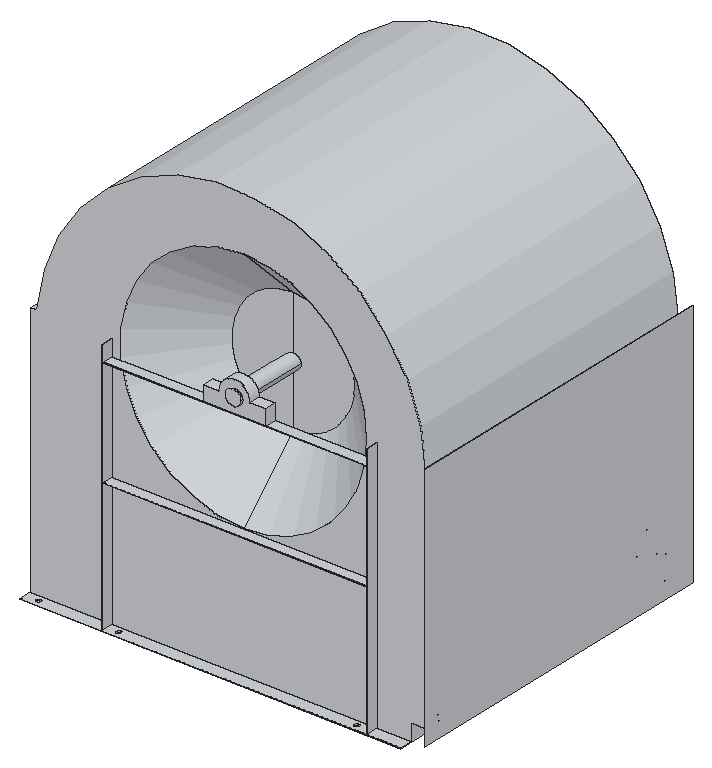
Revit family "CA_DWDI_CW_BHD", category Mechanical Equipment, Revit 2019 (continued)
Types (61): name | X/2 | X | W/2 | W | V | U | T | S | R/2 | R+R | R | P-N-M | P-N | P | N | M/2 | M | L | K | J | INLET/2 | INLET | H | G/5*3 | G/10*3 | G-2.5" | G-(G/5*3) | G+((G/5*3)+2") | G | F-((D-A)/2) | F | E/2 | E | D/2 | D | BHD_L | B/2 | B+.25" | B | A/2 | A+.25" | A | Type Comments | -P | -((B+.25")/2) | (M-(B+.25"))/2 | (G/5*3)+2" | (D-A-.25")/2 | ((B+.25")/2)
  245_CA-DWDI_CW_BHD_CLASS_2 | 1' - 8 21/32" | 3' - 5 5/16" | 0' - 0 13/32" | 0' - 0 13/16" | 0' - 8" | 1' - 1 1/2" | 1' - 6 21/32" | 3' - 1 5/16" | 0' - 1 7/32" | 0' - 4 7/8" | 0' - 2 7/16" | 0' - 2 1/4" | -3' - 5 5/16" | 4' - 2 1/16" | 0' - 8 3/4" | 1' - 7 17/32" | 3' - 3 1/16" | 1' - 7 17/32" | 3' - 7 5/8" | 2' - 0 1/4" | 1' - 2 23/32" | 2' - 5 7/16" | 3' - 10" | 1' - 2 23/32" | 0' - 7 23/64" | 2' - 3 9/16" | 1' - 3 9/32" | 5' - 1 7/16" | 2' - 6" | 4' - 0 3/16" | 4' - 1 7/8" | 1' - 7 7/32" | 3' - 2 7/16" | 1' - 2 7/16" | 2' - 4 7/8" | 0' - 3 3/8" | 1' - 5 17/32" | 2' - 11 5/16" | 2' - 11 1/16" | 1' - 0 3/4" | 2' - 1 3/4" | 2' - 1 1/2" | "Airfoil Centrifugal Blower Clockwise Bottom Horizontal Arrangement 3 Class 2" | -4' - 2 1/16" | -1' - 5 21/32" | 0' - 1 7/8" | 1' - 4 23/32" | 0' - 1 9/16" | 1' - 5 21/32"
  245_CA-DWDI_CW_BHD_CLASS_3 | 1' - 8 21/32" | 3' - 5 5/16" | 0' - 0 13/32" | 0' - 0 13/16" | 0' - 8" | 1' - 1 1/2" | 1' - 6 21/32" | 3' - 1 5/16" | 0' - 1 3/32" | 0' - 4 3/8" | 0' - 2 3/16" | 0' - 2 7/8" | -3' - 5 15/16" | 4' - 2 11/16" | 0' - 8 3/4" | 1' - 7 17/32" | 3' - 3 1/16" | 1' - 7 17/32" | 3' - 7 5/8" | 2' - 0 1/4" | 1' - 2 23/32" | 2' - 5 7/16" | 3' - 10" | 1' - 2 23/32" | 0' - 7 23/64" | 2' - 3 13/16" | 1' - 3 9/32" | 5' - 1 7/16" | 2' - 6" | 4' - 0 3/16" | 4' - 1 7/8" | 1' - 7 7/32" | 3' - 2 7/16" | 1' - 2 7/16" | 2' - 4 7/8" | 0' - 3 3/8" | 1' - 5 17/32" | 2' - 11 5/16" | 2' - 11 1/16" | 1' - 0 3/4" | 2' - 1 3/4" | 2' - 1 1/2" | "Airfoil Centrifugal Blower Clockwise Bottom Horizontal Arrangement 3 Class 3" | -4' - 2 11/16" | -1' - 5 21/32" | 0' - 1 7/8" | 1' - 4 23/32" | 0' - 1 9/16" | 1' - 5 21/32"
  270_CA-DWDI_CW_BHD_CLASS_2 | 1' - 10 27/32" | 3' - 9 11/16" | 0' - 0 13/32" | 0' - 0 13/16" | 0' - 9" | 1' - 3" | 1' - 8 27/32" | 3' - 5 11/16" | 0' - 1 11/32" | 0' - 5 3/8" | 0' - 2 11/16" | 0' - 2 1/2" | -3' - 9 15/16" | 4' - 6 15/16" | 0' - 9" | 1' - 9 23/32" | 3' - 7 7/16" | 1' - 9 23/32" | 3' - 11 1/8" | 2' - 2 5/8" | 1' - 3 31/32" | 2' - 7 15/16" | 4' - 2" | 1' - 3 31/32" | 0' - 7 63/64" | 2' - 6 5/16" | 1' - 5 1/32" | 5' - 6 15/16" | 2' - 9" | 4' - 5 1/4" | 4' - 6 15/16" | 1' - 9 13/32" | 3' - 6 13/16" | 1' - 3 7/16" | 2' - 6 7/8" | 0' - 3 5/8" | 1' - 7 23/32" | 3' - 3 11/16" | 3' - 3 7/16" | 1' - 1 3/4" | 2' - 3 3/4" | 2' - 3 1/2" | "Airfoil Centrifugal Blower Clockwise Bottom Horizontal Arrangement 3 Class 2" | -4' - 6 15/16" | -1' - 7 27/32" | 0' - 1 7/8" | 1' - 5 31/32" | 0' - 1 9/16" | 1' - 7 27/32"
  270_CA-DWDI_CW_BHD_CLASS_3 | 1' - 10 27/32" | 3' - 9 11/16" | 0' - 0 13/32" | 0' - 0 13/16" | 0' - 9" | 1' - 3" | 1' - 8 27/32" | 3' - 5 11/16" | 0' - 1 3/32" | 0' - 4 3/8" | 0' - 2 3/16" | 0' - 2 7/8" | -3' - 10 5/16" | 4' - 7 1/16" | 0' - 8 3/4" | 1' - 9 23/32" | 3' - 7 7/16" | 1' - 9 23/32" | 3' - 11 1/8" | 2' - 2 5/8" | 1' - 3 31/32" | 2' - 7 15/16" | 4' - 2" | 1' - 3 31/32" | 0' - 7 63/64" | 2' - 6 13/16" | 1' - 5 1/32" | 5' - 6 15/16" | 2' - 9" | 4' - 5 1/4" | 4' - 6 15/16" | 1' - 9 13/32" | 3' - 6 13/16" | 1' - 3 7/16" | 2' - 6 7/8" | 0' - 3 5/8" | 1' - 7 23/32" | 3' - 3 11/16" | 3' - 3 7/16" | 1' - 1 3/4" | 2' - 3 3/4" | 2' - 3 1/2" | "Airfoil Centrifugal Blower Clockwise Bottom Horizontal Arrangement 3 Class 3" | -4' - 7 1/16" | -1' - 7 27/32" | 0' - 1 7/8" | 1' - 5 31/32" | 0' - 1 9/16" | 1' - 7 27/32"
  300_CA-DWDI_CW_BHD_CLASS_2 | 2' - 0 5/8" | 4' - 1 1/4" | 0' - 0 13/32" | 0' - 0 13/16" | 0' - 10" | 1' - 4 1/2" | 1' - 10 5/8" | 3' - 9 1/4" | 0' - 1 11/32" | 0' - 5 3/8" | 0' - 2 11/16" | 0' - 2 1/2" | -4' - 1 1/2" | 4' - 11" | 0' - 9 1/2" | 1' - 11 1/2" | 3' - 11" | 1' - 11 1/2" | 4' - 4" | 2' - 5 1/2" | 1' - 5 15/32" | 2' - 10 15/16" | 4' - 7 3/8" | 1' - 5 15/32" | 0' - 8 47/64" | 2' - 9 5/16" | 1' - 6 17/32" | 6' - 0 15/16" | 3' - 0" | 4' - 10 21/32" | 5' - 0 3/8" | 1' - 11 7/32" | 3' - 10 7/16" | 1' - 5 5/16" | 2' - 10 5/8" | 0' - 3 3/8" | 1' - 9 1/2" | 3' - 7 1/4" | 3' - 7" | 1' - 3 19/32" | 2' - 7 7/16" | 2' - 7 3/16" | "Airfoil Centrifugal Blower Clockwise Bottom Horizontal Arrangement 3 Class 2" | -4' - 11" | -1' - 9 5/8" | 0' - 1 7/8" | 1' - 7 15/32" | 0' - 1 19/32" | 1' - 9 5/8"
  300_CA-DWDI_CW_BHD_CLASS_3 | 2' - 0 5/8" | 4' - 1 1/4" | 0' - 0 13/32" | 0' - 0 13/16" | 0' - 10" | 1' - 4 1/2" | 1' - 10 5/8" | 3' - 9 1/4" | 0' - 1 7/32" | 0' - 4 7/8" | 0' - 2 7/16" | 0' - 2 7/8" | -4' - 1 7/8" | 4' - 11 3/8" | 0' - 9 1/2" | 1' - 11 1/2" | 3' - 11" | 1' - 11 1/2" | 4' - 4" | 2' - 5 1/2" | 1' - 5 15/32" | 2' - 10 15/16" | 4' - 7 3/8" | 1' - 5 15/32" | 0' - 8 47/64" | 2' - 9 9/16" | 1' - 6 17/32" | 6' - 0 15/16" | 3' - 0" | 4' - 10 21/32" | 5' - 0 3/8" | 1' - 11 7/32" | 3' - 10 7/16" | 1' - 5 5/16" | 2' - 10 5/8" | 0' - 3 3/8" | 1' - 9 1/2" | 3' - 7 1/4" | 3' - 7" | 1' - 3 19/32" | 2' - 7 7/16" | 2' - 7 3/16" | "Airfoil Centrifugal Blower Clockwise Bottom Horizontal Arrangement 3 Class 3" | -4' - 11 3/8" | -1' - 9 5/8" | 0' - 1 7/8" | 1' - 7 15/32" | 0' - 1 19/32" | 1' - 9 5/8"
  330_CA-DWDI_CW_BHD_CLASS_2 | 2' - 2 23/32" | 4' - 5 7/16" | 0' - 0 13/32" | 0' - 0 13/16" | 1' - 0" | 1' - 6" | 2' - 0 21/32" | 4' - 1 5/16" | 0' - 1 3/32" | 0' - 4 3/8" | 0' - 2 3/16" | 0' - 3" | -4' - 6 1/16" | 5' - 3 11/16" | 0' - 9 5/8" | 2' - 1 17/32" | 4' - 3 1/16" | 2' - 1 17/32" | 4' - 9" | 2' - 8 5/16" | 1' - 6 31/32" | 3' - 1 15/16" | 5' - 0 3/4" | 1' - 6 31/32" | 0' - 9 31/64" | 3' - 0 13/16" | 1' - 8 1/32" | 6' - 6 15/16" | 3' - 3" | 5' - 3 19/32" | 5' - 5 13/16" | 2' - 1 3/4" | 4' - 3 1/2" | 1' - 7 15/32" | 3' - 2 15/16" | 0' - 3 1/8" | 1' - 11 17/32" | 3' - 11 5/16" | 3' - 11 1/16" | 1' - 5 1/4" | 2' - 10 3/4" | 2' - 10 1/2" | "Airfoil Centrifugal Blower Clockwise Bottom Horizontal Arrangement 3 Class 2" | -5' - 3 11/16" | -1' - 11 21/32" | 0' - 1 7/8" | 1' - 8 31/32" | 0' - 2 3/32" | 1' - 11 21/32"
  330_CA-DWDI_CW_BHD_CLASS_3 | 2' - 2 23/32" | 4' - 5 7/16" | 0' - 0 13/32" | 0' - 0 13/16" | 1' - 0" | 1' - 6" | 2' - 0 21/32" | 4' - 1 5/16" | 0' - 1 7/32" | 0' - 4 7/8" | 0' - 2 7/16" | 0' - 2 7/8" | -4' - 5 15/16" | 5' - 3 15/16" | 0' - 10" | 2' - 1 17/32" | 4' - 3 1/16" | 2' - 1 17/32" | 4' - 9" | 2' - 8 5/16" | 1' - 6 31/32" | 3' - 1 15/16" | 5' - 0 3/4" | 1' - 6 31/32" | 0' - 9 31/64" | 3' - 0 9/16" | 1' - 8 1/32" | 6' - 6 15/16" | 3' - 3" | 5' - 3 19/32" | 5' - 5 13/16" | 2' - 1 3/4" | 4' - 3 1/2" | 1' - 7 15/32" | 3' - 2 15/16" | 0' - 3 1/8" | 1' - 11 17/32" | 3' - 11 5/16" | 3' - 11 1/16" | 1' - 5 1/4" | 2' - 10 3/4" | 2' - 10 1/2" | "Airfoil Centrifugal Blower Clockwise Bottom Horizontal Arrangement 3 Class 3" | -5' - 3 15/16" | -1' - 11 21/32" | 0' - 1 7/8" | 1' - 8 31/32" | 0' - 2 3/32" | 1' - 11 21/32"
  365_CA-DWDI_CW_BHD_CLASS_2 | 2' - 5 9/32" | 4' - 10 9/16" | 0' - 0 13/32" | 0' - 0 13/16" | 1' - 1" | 1' - 8" | 2' - 3 7/32" | 4' - 6 7/16" | 0' - 1 7/32" | 0' - 4 7/8" | 0' - 2 7/16" | 0' - 2 7/8" | -4' - 11 1/16" | 5' - 9 9/16" | 0' - 10 1/2" | 2' - 4 3/32" | 4' - 8 3/16" | 2' - 4 3/32" | 5' - 3" | 2' - 11 9/16" | 1' - 8 23/32" | 3' - 5 7/16" | 5' - 7" | 1' - 8 23/32" | 0' - 10 23/64" | 3' - 4 9/16" | 1' - 10 9/32" | 7' - 2 7/16" | 3' - 7" | 5' - 10 13/32" | 6' - 0 5/8" | 2' - 4 5/16" | 4' - 8 5/8" | 1' - 9 9/16" | 3' - 7 1/8" | 0' - 3 1/4" | 2' - 2 3/32" | 4' - 4 7/16" | 4' - 4 3/16" | 1' - 7 11/32" | 3' - 2 15/16" | 3' - 2 11/16" | "Airfoil Centrifugal Blower Clockwise Bottom Horizontal Arrangement 3 Class 2" | -5' - 9 9/16" | -2' - 2 7/32" | 0' - 1 7/8" | 1' - 10 23/32" | 0' - 2 3/32" | 2' - 2 7/32"
  365_CA-DWDI_CW_BHD_CLASS_3 | 2' - 5 9/32" | 4' - 10 9/16" | 0' - 0 13/32" | 0' - 0 13/16" | 1' - 1" | 1' - 8" | 2' - 3 7/32" | 4' - 6 7/16" | 0' - 1 11/32" | 0' - 5 3/8" | 0' - 2 11/16" | 0' - 3 3/8" | -4' - 11 9/16" | 5' - 10 1/16" | 0' - 10 1/2" | 2' - 4 3/32" | 4' - 8 3/16" | 2' - 4 3/32" | 5' - 3" | 2' - 11 9/16" | 1' - 8 23/32" | 3' - 5 7/16" | 5' - 7" | 1' - 8 23/32" | 0' - 10 23/64" | 3' - 4 5/16" | 1' - 10 9/32" | 7' - 2 7/16" | 3' - 7" | 5' - 10 13/32" | 6' - 0 5/8" | 2' - 4 5/16" | 4' - 8 5/8" | 1' - 9 9/16" | 3' - 7 1/8" | 0' - 3 1/4" | 2' - 2 3/32" | 4' - 4 7/16" | 4' - 4 3/16" | 1' - 7 11/32" | 3' - 2 15/16" | 3' - 2 11/16" | "Airfoil Centrifugal Blower Clockwise Bottom Horizontal Arrangement 3 Class 3" | -5' - 10 1/16" | -2' - 2 7/32" | 0' - 1 7/8" | 1' - 10 23/32" | 0' - 2 3/32" | 2' - 2 7/32"
  402_CA-DWDI_CW_BHD_CLASS_2 | 2' - 8 19/32" | 5' - 5 3/16" | 0' - 0 17/32" | 0' - 1 1/16" | 1' - 2" | 1' - 10" | 2' - 6 21/32" | 5' - 1 5/16" | 0' - 1 7/32" | 0' - 4 7/8" | 0' - 2 7/16" | 0' - 1 7/8" | -5' - 5 11/16" | 6' - 3 11/16" | 0' - 10" | 2' - 7 29/32" | 5' - 3 13/16" | 2' - 7 29/32" | 5' - 9" | 3' - 3 3/16" | 1' - 10 19/32" | 3' - 9 3/16" | 6' - 1 7/8" | 1' - 10 19/32" | 0' - 11 19/64" | 3' - 8 9/16" | 2' - 0 13/32" | 7' - 10 3/16" | 3' - 11" | 6' - 5 13/32" | 6' - 7 5/8" | 2' - 7 1/8" | 5' - 2 1/4" | 1' - 11 3/32" | 3' - 10 3/16" | 0' - 3 1/4" | 2' - 4 29/32" | 4' - 10 1/16" | 4' - 9 13/16" | 1' - 8 7/8" | 3' - 6" | 3' - 5 3/4" | "Airfoil Centrifugal Blower Clockwise Bottom Horizontal Arrangement 3 Class 2" | -6' - 3 11/16" | -2' - 5 1/32" | 0' - 2 7/8" | 2' - 0 19/32" | 0' - 2 3/32" | 2' - 5 1/32"
  402_CA-DWDI_CW_BHD_CLASS_3 | 2' - 8 19/32" | 5' - 5 3/16" | 0' - 0 17/32" | 0' - 1 1/16" | 1' - 2" | 1' - 10" | 2' - 6 21/32" | 5' - 1 5/16" | 0' - 1 11/32" | 0' - 5 3/8" | 0' - 2 11/16" | 0' - 1 7/8" | -5' - 5 11/16" | 6' - 4 3/16" | 0' - 10 1/2" | 2' - 7 29/32" | 5' - 3 13/16" | 2' - 7 29/32" | 5' - 9" | 3' - 3 3/16" | 1' - 10 19/32" | 3' - 9 3/16" | 6' - 1 7/8" | 1' - 10 19/32" | 0' - 11 19/64" | 3' - 8 5/16" | 2' - 0 13/32" | 7' - 10 3/16" | 3' - 11" | 6' - 5 13/32" | 6' - 7 5/8" | 2' - 7 1/8" | 5' - 2 1/4" | 1' - 11 3/32" | 3' - 10 3/16" | 0' - 3 1/4" | 2' - 4 29/32" | 4' - 10 1/16" | 4' - 9 13/16" | 1' - 8 7/8" | 3' - 6" | 3' - 5 3/4" | "Airfoil Centrifugal Blower Clockwise Bottom Horizontal Arrangement 3 Class 3" | -6' - 4 3/16" | -2' - 5 1/32" | 0' - 2 7/8" | 2' - 0 19/32" | 0' - 2 3/32" | 2' - 5 1/32"
  445_CA-DWDI_CW_BHD_CLASS_2 | 2' - 11 13/16" | 5' - 11 5/8" | 0' - 0 17/32" | 0' - 1 1/16" | 1' - 4" | 2' - 0" | 2' - 9 7/8" | 5' - 7 3/4" | 0' - 1 11/32" | 0' - 5 3/8" | 0' - 2 11/16" | 0' - 2 1/4" | -6' - 0 1/2" | 6' - 11 1/2" | 0' - 11" | 2' - 11 1/8" | 5' - 10 1/4" | 2' - 11 1/8" | 6' - 5" | 3' - 7 3/16" | 2' - 0 23/32" | 4' - 1 7/16" | 6' - 9 1/2" | 2' - 0 23/32" | 1' - 0 23/64" | 4' - 1 5/16" | 2' - 3 9/32" | 8' - 7 7/16" | 4' - 4" | 7' - 1 29/32" | 7' - 4 1/8" | 2' - 10 11/32" | 5' - 8 11/16" | 2' - 1 3/16" | 4' - 2 3/8" | 0' - 3 5/8" | 2' - 8 1/8" | 5' - 4 1/2" | 5' - 4 1/4" | 1' - 10 31/32" | 3' - 10 3/16" | 3' - 9 15/16" | "Airfoil Centrifugal Blower Clockwise Bottom Horizontal Arrangement 3 Class 2" | -6' - 11 1/2" | -2' - 8 1/4" | 0' - 2 7/8" | 2' - 2 23/32" | 0' - 2 3/32" | 2' - 8 1/4"
  445_CA-DWDI_CW_BHD_CLASS_3 | 2' - 11 13/16" | 5' - 11 5/8" | 0' - 0 17/32" | 0' - 1 1/16" | 1' - 4" | 2' - 0" | 2' - 9 7/8" | 5' - 7 3/4" | 0' - 1 15/32" | 0' - 5 7/8" | 0' - 2 15/16" | 0' - 2 1/4" | -6' - 0 1/2" | 6' - 11 1/2" | 0' - 11" | 2' - 11 1/8" | 5' - 10 1/4" | 2' - 11 1/8" | 6' - 5" | 3' - 7 3/16" | 2' - 0 23/32" | 4' - 1 7/16" | 6' - 9 1/2" | 2' - 0 23/32" | 1' - 0 23/64" | 4' - 1 1/16" | 2' - 3 9/32" | 8' - 7 7/16" | 4' - 4" | 7' - 1 29/32" | 7' - 4 1/8" | 2' - 10 11/32" | 5' - 8 11/16" | 2' - 1 3/16" | 4' - 2 3/8" | 0' - 3 5/8" | 2' - 8 1/8" | 5' - 4 1/2" | 5' - 4 1/4" | 1' - 10 31/32" | 3' - 10 3/16" | 3' - 9 15/16" | "Airfoil Centrifugal Blower Clockwise Bottom Horizontal Arrangement 3 Class 3" | -6' - 11 1/2" | -2' - 8 1/4" | 0' - 2 7/8" | 2' - 2 23/32" | 0' - 2 3/32" | 2' - 8 1/4"
  490_CA-DWDI_CW_BHD_CLASS_2 | 3' - 2 3/4" | 6' - 5 1/2" | 0' - 0 17/32" | 0' - 1 1/16" | 1' - 6" | 2' - 2 1/2" | 3' - 0 13/16" | 6' - 1 5/8" | 0' - 1 23/32" | 0' - 6 7/8" | 0' - 3 7/16" | 0' - 2 1/4" | -6' - 6 3/8" | 7' - 6 3/8" | 1' - 0" | 3' - 2 1/16" | 6' - 4 1/8" | 3' - 2 1/16" | 7' - 1" | 3' - 11 9/16" | 2' - 3 1/2" | 4' - 7" | 7' - 5 3/4" | 2' - 3 1/2" | 1' - 1 3/4" | 4' - 5 9/16" | 2' - 5 1/2" | 9' - 6" | 4' - 9" | 7' - 10 17/32" | 8' - 0 3/4" | 3' - 1 9/32" | 6' - 2 9/16" | 2' - 3 23/32" | 4' - 7 7/16" | 0' - 3 3/4" | 2' - 11 1/16" | 5' - 10 3/8" | 5' - 10 1/8" | 2' - 1 1/2" | 4' - 3 1/4" | 4' - 3" | "Airfoil Centrifugal Blower Clockwise Bottom Horizontal Arrangement 3 Class 2" | -7' - 6 3/8" | -2' - 11 3/16" | 0' - 2 7/8" | 2' - 5 1/2" | 0' - 2 3/32" | 2' - 11 3/16"
  490_CA-DWDI_CW_BHD_CLASS_3 | 3' - 2 3/4" | 6' - 5 1/2" | 0' - 0 17/32" | 0' - 1 1/16" | 1' - 6" | 2' - 2 1/2" | 3' - 0 13/16" | 6' - 1 5/8" | 0' - 1 23/32" | 0' - 6 7/8" | 0' - 3 7/16" | 0' - 2 1/2" | -6' - 6 5/8" | 7' - 6 5/8" | 1' - 0" | 3' - 2 1/16" | 6' - 4 1/8" | 3' - 2 1/16" | 7' - 1" | 3' - 11 9/16" | 2' - 3 1/2" | 4' - 7" | 7' - 5 3/4" | 2' - 3 1/2" | 1' - 1 3/4" | 4' - 5 9/16" | 2' - 5 1/2" | 9' - 6" | 4' - 9" | 7' - 10 17/32" | 8' - 0 3/4" | 3' - 1 9/32" | 6' - 2 9/16" | 2' - 3 23/32" | 4' - 7 7/16" | 0' - 3 3/4" | 2' - 11 1/16" | 5' - 10 3/8" | 5' - 10 1/8" | 2' - 1 1/2" | 4' - 3 1/4" | 4' - 3" | "Airfoil Centrifugal Blower Clockwise Bottom Horizontal Arrangement 3 Class 3" | -7' - 6 5/8" | -2' - 11 3/16" | 0' - 2 7/8" | 2' - 5 1/2" | 0' - 2 3/32" | 2' - 11 3/16"
  540_CA-DWDI_CW_BHD_CLASS_2 | 3' - 8 5/32" | 7' - 4 5/16" | 0' - 0 17/32" | 0' - 1 1/16" | 1' - 8" | 2' - 5" | 3' - 4 23/32" | 6' - 9 7/16" | 0' - 1 31/32" | 0' - 7 7/8" | 0' - 3 15/16" | 0' - 2 1/4" | -7' - 2 3/16" | 8' - 3 15/16" | 1' - 1 3/4" | 3' - 5 31/32" | 6' - 11 15/16" | 3' - 5 31/32" | 7' - 10" | 4' - 4 1/4" | 2' - 6" | 5' - 0" | 8' - 2 3/4" | 2' - 6" | 1' - 3" | 4' - 10 1/16" | 2' - 8" | 10' - 4" | 5' - 2" | 8' - 7 19/32" | 8' - 9 13/16" | 3' - 5 3/16" | 6' - 10 3/8" | 2' - 6 3/32" | 5' - 0 3/16" | 0' - 3 1/4" | 3' - 2 31/32" | 6' - 6 3/16" | 6' - 5 15/16" | 2' - 3 7/8" | 4' - 8" | 4' - 7 3/4" | "Airfoil Centrifugal Blower Clockwise Bottom Horizontal Arrangement 3 Class 2" | -8' - 3 15/16" | -3' - 3 3/32" | 0' - 2 7/8" | 2' - 8" | 0' - 2 3/32" | 3' - 3 3/32"
  540_CA-DWDI_CW_BHD_CLASS_3 | 3' - 8 5/32" | 7' - 4 5/16" | 0' - 0 17/32" | 0' - 1 1/16" | 1' - 8" | 2' - 5" | 3' - 4 23/32" | 6' - 9 7/16" | 0' - 1 31/32" | 0' - 7 7/8" | 0' - 3 15/16" | 0' - 2 1/16" | -7' - 2" | 8' - 4 3/16" | 1' - 2 3/16" | 3' - 5 31/32" | 6' - 11 15/16" | 3' - 5 31/32" | 7' - 10" | 4' - 4 1/4" | 2' - 6" | 5' - 0" | 8' - 2 3/4" | 2' - 6" | 1' - 3" | 4' - 10 1/16" | 2' - 8" | 10' - 4" | 5' - 2" | 8' - 7 19/32" | 8' - 9 13/16" | 3' - 5 3/16" | 6' - 10 3/8" | 2' - 6 3/32" | 5' - 0 3/16" | 0' - 3 1/4" | 3' - 2 31/32" | 6' - 6 3/16" | 6' - 5 15/16" | 2' - 3 7/8" | 4' - 8" | 4' - 7 3/4" | "Airfoil Centrifugal Blower Clockwise Bottom Horizontal Arrangement 3 Class 3" | -8' - 4 3/16" | -3' - 3 3/32" | 0' - 2 7/8" | 2' - 8" | 0' - 2 3/32" | 3' - 3 3/32"
  600_CA-DWDI_CW_BHD_CLASS_2 | 4' - 0 5/16" | 8' - 0 5/8" | 0' - 0 17/32" | 0' - 1 1/16" | 1' - 10" | 2' - 8" | 3' - 8 7/8" | 7' - 5 3/4" | 0' - 1 31/32" | 0' - 7 7/8" | 0' - 3 15/16" | 0' - 2 1/4" | -7' - 10 1/2" | 9' - 0 3/4" | 1' - 2 1/4" | 3' - 10 1/8" | 7' - 8 1/4" | 3' - 10 1/8" | 8' - 9" | 4' - 9 15/16" | 2' - 9" | 5' - 6" | 9' - 1 5/8" | 2' - 9" | 1' - 4 1/2" | 5' - 5 1/16" | 3' - 0" | 11' - 5" | 5' - 9" | 9' - 7 15/32" | 9' - 9 11/16" | 3' - 9 11/32" | 7' - 6 11/16" | 2' - 9 5/16" | 5' - 6 5/8" | 0' - 3 3/4" | 3' - 7 1/8" | 7' - 2 1/2" | 7' - 2 1/4" | 2' - 7 3/32" | 5' - 2 7/16" | 5' - 2 3/16" | "Airfoil Centrifugal Blower Clockwise Bottom Horizontal Arrangement 3 Class 2" | -9' - 0 3/4" | -3' - 7 1/4" | 0' - 2 7/8" | 2' - 11" | 0' - 2 3/32" | 3' - 7 1/4"
  600_CA-DWDI_CW_BHD_CLASS_3 | 4' - 0 5/16" | 8' - 0 5/8" | 0' - 0 17/32" | 0' - 1 1/16" | 1' - 10" | 2' - 8" | 3' - 8 7/8" | 7' - 5 3/4" | 0' - 2 7/32" | 0' - 8 7/8" | 0' - 4 7/16" | 0' - 3 3/4" | -8' - 0" | 9' - 2 3/4" | 1' - 2 3/4" | 3' - 10 1/8" | 7' - 8 1/4" | 3' - 10 1/8" | 8' - 9" | 4' - 9 15/16" | 2' - 9" | 5' - 6" | 9' - 1 5/8" | 2' - 9" | 1' - 4 1/2" | 5' - 4 9/16" | 3' - 0" | 11' - 5" | 5' - 9" | 9' - 7 15/32" | 9' - 9 11/16" | 3' - 9 11/32" | 7' - 6 11/16" | 2' - 9 5/16" | 5' - 6 5/8" | 0' - 3 3/4" | 3' - 7 1/8" | 7' - 2 1/2" | 7' - 2 1/4" | 2' - 7 3/32" | 5' - 2 7/16" | 5' - 2 3/16" | "Airfoil Centrifugal Blower Clockwise Bottom Horizontal Arrangement 3 Class 3" | -9' - 2 3/4" | -3' - 7 1/4" | 0' - 2 7/8" | 2' - 11" | 0' - 2 3/32" | 3' - 7 1/4"
  660_CA-DWDI_CW_BHD_CLASS_2 | 4' - 4 5/8" | 8' - 9 1/4" | 0' - 0 17/32" | 0' - 1 1/16" | 2' - 1" | 2' - 11" | 4' - 1 3/16" | 8' - 2 3/8" | 0' - 2 7/32" | 0' - 8 7/8" | 0' - 4 7/16" | 0' - 2 7/16" | -8' - 7 5/16" | 9' - 10 5/8" | 1' - 3 5/16" | 4' - 2 7/16" | 8' - 4 7/8" | 4' - 2 7/16" | 9' - 8" | 5' - 3 3/4" | 3' - 0" | 6' - 0" | 10' - 0 5/8" | 3' - 0" | 1' - 6" | 5' - 10 9/16" | 3' - 3" | 12' - 5" | 6' - 3" | 10' - 6 11/32" | 10' - 8 9/16" | 4' - 1 21/32" | 8' - 3 5/16" | 3' - 0 7/16" | 6' - 0 7/8" | 0' - 3 1/4" | 3' - 11 7/16" | 7' - 11 1/8" | 7' - 10 7/8" | 2' - 10 7/32" | 5' - 8 11/16" | 5' - 8 7/16" | "Airfoil Centrifugal Blower Clockwise Bottom Horizontal Arrangement 3 Class 2" | -9' - 10 5/8" | -3' - 11 9/16" | 0' - 2 7/8" | 3' - 2" | 0' - 2 3/32" | 3' - 11 9/16"
  660_CA-DWDI_CW_BHD_CLASS_3 | 4' - 4 5/8" | 8' - 9 1/4" | 0' - 0 17/32" | 0' - 1 1/16" | 2' - 1" | 2' - 11" | 4' - 1 3/16" | 8' - 2 3/8" | 0' - 2 7/32" | 0' - 8 7/8" | 0' - 4 7/16" | 0' - 4 3/8" | -8' - 9 1/4" | 9' - 11 7/8" | 1' - 2 5/8" | 4' - 2 7/16" | 8' - 4 7/8" | 4' - 2 7/16" | 9' - 8" | 5' - 3 3/4" | 3' - 0" | 6' - 0" | 10' - 0 5/8" | 3' - 0" | 1' - 6" | 5' - 10 9/16" | 3' - 3" | 12' - 5" | 6' - 3" | 10' - 6 11/32" | 10' - 8 9/16" | 4' - 1 21/32" | 8' - 3 5/16" | 3' - 0 7/16" | 6' - 0 7/8" | 0' - 3 1/4" | 3' - 11 7/16" | 7' - 11 1/8" | 7' - 10 7/8" | 2' - 10 7/32" | 5' - 8 11/16" | 5' - 8 7/16" | "Airfoil Centrifugal Blower Clockwise Bottom Horizontal Arrangement 3 Class 3" | -9' - 11 7/8" | -3' - 11 9/16" | 0' - 2 7/8" | 3' - 2" | 0' - 2 3/32" | 3' - 11 9/16"
  730 _CA-DWDI_CW_BHD_CLASS_2 | 4' - 9 9/16" | 9' - 7 1/8" | 0' - 0 17/32" | 0' - 1 1/16" | 2' - 4" | 3' - 2 1/2" | 4' - 6 1/8" | 9' - 0 1/4" | 0' - 2 7/32" | 0' - 8 7/8" | 0' - 4 7/16" | 0' - 3 3/4" | -9' - 6 1/2" | 10' - 10 3/4" | 1' - 4 1/4" | 4' - 7 3/8" | 9' - 2 3/4" | 4' - 7 3/8" | 10' - 9" | 5' - 10 3/8" | 3' - 3 1/2" | 6' - 7" | 11' - 1 1/4" | 3' - 3 1/2" | 1' - 7 3/4" | 6' - 6 9/16" | 3' - 7 1/2" | 13' - 8" | 6' - 11" | 11' - 8 1/32" | 11' - 10 1/4" | 4' - 6 19/32" | 9' - 1 3/16" | 3' - 4 1/8" | 6' - 8 1/4" | 0' - 3 5/8" | 4' - 4 3/8" | 8' - 9" | 8' - 8 3/4" | 3' - 1 29/32" | 6' - 4 1/16" | 6' - 3 13/16" | "Airfoil Centrifugal Blower Clockwise Bottom Horizontal Arrangement 3 Class 2" | -10' - 10 3/4" | -4' - 4 1/2" | 0' - 2 7/8" | 3' - 5 1/2" | 0' - 2 3/32" | 4' - 4 1/2"
  730 _CA-DWDI_CW_BHD_CLASS_3 | 4' - 9 9/16" | 9' - 7 1/8" | 0' - 0 17/32" | 0' - 1 1/16" | 2' - 4" | 3' - 2 1/2" | 4' - 6 1/8" | 9' - 0 1/4" | 0' - 2 15/32" | 0' - 9 7/8" | 0' - 4 15/16" | 0' - 3 3/4" | -9' - 6 1/2" | 10' - 11 1/4" | 1' - 4 3/4" | 4' - 7 3/8" | 9' - 2 3/4" | 4' - 7 3/8" | 10' - 9" | 5' - 10 3/8" | 3' - 3 1/2" | 6' - 7" | 11' - 1 1/4" | 3' - 3 1/2" | 1' - 7 3/4" | 6' - 6 1/16" | 3' - 7 1/2" | 13' - 8" | 6' - 11" | 11' - 8 1/32" | 11' - 10 1/4" | 4' - 6 19/32" | 9' - 1 3/16" | 3' - 4 1/8" | 6' - 8 1/4" | 0' - 3 5/8" | 4' - 4 3/8" | 8' - 9" | 8' - 8 3/4" | 3' - 1 29/32" | 6' - 4 1/16" | 6' - 3 13/16" | "Airfoil Centrifugal Blower Clockwise Bottom Horizontal Arrangement 3 Class 3" | -10' - 11 1/4" | -4' - 4 1/2" | 0' - 2 7/8" | 3' - 5 1/2" | 0' - 2 3/32" | 4' - 4 1/2"
